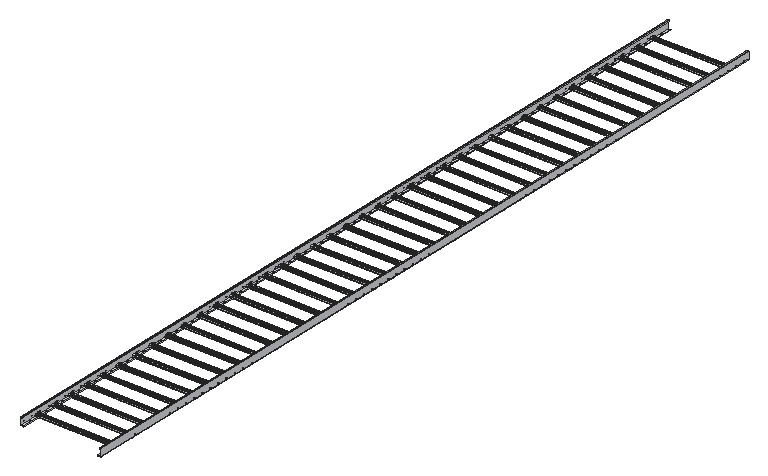
Revit family "Kabelleiter LG 60, 6 m VS FT", category Generic Models, Revit 2017 (continued)
Reference planes
  plane 2296: x = 379
  plane 2297: x = 321.5
  plane 2298: y = 1500
  plane 2299: x = 379
  plane 2300: x = 321.5
  plane 2301: y = 1650
  plane 2302: x = 379
  plane 2303: x = 321.5
  plane 2304: y = 1800
  plane 2305: x = 379
  plane 2306: x = 321.5
  plane 2307: y = 1950
  plane 2308: x = 379
  plane 2309: x = 321.5
  plane 2310: y = 2100
  plane 2311: x = 379
  plane 2312: x = 321.5
  plane 2313: y = 2250
  plane 2314: x = 379
  plane 2315: x = 321.5
  plane 2316: y = 2400
  plane 2317: x = 379
  plane 2318: x = 321.5
  plane 2319: y = 2550
  plane 2320: x = 379
  plane 2321: x = 321.5
  plane 2322: y = 2700
  plane 2323: x = 379
  plane 2324: x = 321.5
  plane 2325: y = 2850
  plane 2326: x = 379
  plane 2327: x = 321.5
  plane 2328: y = 3000
  plane 2329: x = 379
  plane 2330: x = 321.5
  plane 2331: y = 3150
  plane 2332: x = 379
  plane 2333: x = 321.5
  plane 2334: y = 3300
  plane 2335: x = 379
  plane 2336: x = 321.5
  plane 2337: y = 3450
  plane 2338: x = 379
  plane 2339: x = 321.5
  plane 2340: y = 3600
  plane 2341: x = 379
  plane 2342: x = 321.5
  plane 2343: y = 3750
  plane 2344: x = 379
  plane 2345: x = 321.5
  plane 2346: y = 3900
  plane 2347: x = 379
  plane 2348: x = 321.5
  plane 2349: y = 4050
  plane 2350: x = 379
  plane 2351: x = 321.5
  plane 2352: y = 4200
  plane 2353: x = 379
  plane 2354: x = 321.5
  plane 2355: y = 4350
  plane 2356: x = 379
  plane 2357: x = 321.5
  plane 2358: y = 4500
  plane 2359: x = 379
  plane 2360: x = 321.5
  plane 2361: y = 4650
  plane 2362: x = 379
  plane 2363: x = 321.5
  plane 2364: y = 4800
  plane 2365: x = 379
  plane 2366: x = 321.5
  plane 2367: y = 4950
  plane 2368: x = 379
  plane 2369: x = 321.5
  plane 2370: y = 5100
  plane 2371: x = 379
  plane 2372: x = 321.5
  plane 2373: y = 5250
  plane 2374: x = 379
  plane 2375: x = 321.5
  plane 2376: y = 5400
  plane 2377: x = 379
  plane 2378: x = 321.5
  plane 2379: y = 5550
  plane 2380: x = 379
  plane 2381: x = 321.5
  plane 2382: y = 5700
  plane 2383: x = 379
  plane 2384: x = 321.5
  plane 2385: y = 5850
  plane 2386: x = 399
  plane 2387: y = 450
  plane 2388: x = 399
  plane 2389: y = 600
  plane 2390: x = 399
  plane 2391: y = 750
  plane 2392: x = 399
  plane 2393: y = 900
  plane 2394: x = 399
  plane 2395: y = 1050
  plane 2396: x = 399
  plane 2397: y = 1200
  plane 2398: x = 399
  plane 2399: y = 1350
  plane 2400: x = 399
  plane 2401: y = 1500
  plane 2402: x = 399
  plane 2403: y = 1650
  plane 2404: x = 399
  plane 2405: y = 1800
  plane 2406: x = 399
  plane 2407: y = 1950
  plane 2408: x = 399
  plane 2409: y = 2100
  plane 2410: x = 399
  plane 2411: y = 2250
  plane 2412: x = 399
  plane 2413: y = 2400
  plane 2414: x = 399
  plane 2415: y = 2550
  plane 2416: x = 399
  plane 2417: y = 2700
  plane 2418: x = 399
  plane 2419: y = 2850
  plane 2420: x = 399
  plane 2421: y = 3000
  plane 2422: x = 399
  plane 2423: y = 3150
  plane 2424: x = 399
  plane 2425: y = 3300
  plane 2426: x = 399
  plane 2427: y = 3450
  plane 2428: x = 399
  plane 2429: y = 3600
  plane 2430: x = 399
  plane 2431: y = 3750
  plane 2432: x = 399
  plane 2433: y = 3900
  plane 2434: x = 399
  plane 2435: y = 4050
  plane 2436: x = 399
  plane 2437: y = 4200
  plane 2438: x = 399
  plane 2439: y = 4350
  plane 2440: x = 399
  plane 2441: y = 4500
  plane 2442: x = 399
  plane 2443: y = 4650
  plane 2444: x = 399
  plane 2445: y = 4800
  plane 2446: x = 399
  plane 2447: y = 4950
  plane 2448: x = 399
  plane 2449: y = 5100
  plane 2450: x = 399
  plane 2451: y = 5250
  plane 2452: x = 399
  plane 2453: y = 5400
  plane 2454: x = 399
  plane 2455: y = 5550
  plane 2456: x = 399
  plane 2457: y = 5700
  plane 2458: x = 399
  plane 2459: y = 5850
  plane 2460: x = 419
  plane 2461: x = 361.5
  plane 2462: y = 450
  plane 2463: x = 419
  plane 2464: x = 361.5
  plane 2465: y = 600
  plane 2466: x = 419
  plane 2467: x = 361.5
  plane 2468: y = 750
  plane 2469: x = 419
  plane 2470: x = 361.5
  plane 2471: y = 900
  plane 2472: x = 419
  plane 2473: x = 361.5
  plane 2474: y = 1050
  plane 2475: x = 419
  plane 2476: x = 361.5
  plane 2477: y = 1200
  plane 2478: x = 419
  plane 2479: x = 361.5
  plane 2480: y = 1350
  plane 2481: x = 419
  plane 2482: x = 361.5
  plane 2483: y = 1500
  plane 2484: x = 419
  plane 2485: x = 361.5
  plane 2486: y = 1650
  plane 2487: x = 419
  plane 2488: x = 361.5
  plane 2489: y = 1800
  plane 2490: x = 419
  plane 2491: x = 361.5
  plane 2492: y = 1950
  plane 2493: x = 419
  plane 2494: x = 361.5
  plane 2495: y = 2100
  plane 2496: x = 419
  plane 2497: x = 361.5
  plane 2498: y = 2250
  plane 2499: x = 419
  plane 2500: x = 361.5
  plane 2501: y = 2400
  plane 2502: x = 419
  plane 2503: x = 361.5
  plane 2504: y = 2550
  plane 2505: x = 419
  plane 2506: x = 361.5
  plane 2507: y = 2700
  plane 2508: x = 419
  plane 2509: x = 361.5
  plane 2510: y = 2850
  plane 2511: x = 419
  plane 2512: x = 361.5
  plane 2513: y = 3000
  plane 2514: x = 419
  plane 2515: x = 361.5
  plane 2516: y = 3150
  plane 2517: x = 419
  plane 2518: x = 361.5
  plane 2519: y = 3300
  plane 2520: x = 419
  plane 2521: x = 361.5
  plane 2522: y = 3450
  plane 2523: x = 419
  plane 2524: x = 361.5
  plane 2525: y = 3600
  plane 2526: x = 419
  plane 2527: x = 361.5
  plane 2528: y = 3750
  plane 2529: x = 419
  plane 2530: x = 361.5
  plane 2531: y = 3900
  plane 2532: x = 419
  plane 2533: x = 361.5
  plane 2534: y = 4050
  plane 2535: x = 419
  plane 2536: x = 361.5
  plane 2537: y = 4200
  plane 2538: x = 419
  plane 2539: x = 361.5
  plane 2540: y = 4350
  plane 2541: x = 419
  plane 2542: x = 361.5
  plane 2543: y = 4500
  plane 2544: x = 419
  plane 2545: x = 361.5
  plane 2546: y = 4650
  plane 2547: x = 419
  plane 2548: x = 361.5
  plane 2549: y = 4800
  plane 2550: x = 419
  plane 2551: x = 361.5
  plane 2552: y = 4950
  plane 2553: x = 419
  plane 2554: x = 361.5
  plane 2555: y = 5100
  plane 2556: x = 419
  plane 2557: x = 361.5
  plane 2558: y = 5250
  plane 2559: x = 419
  plane 2560: x = 361.5
  plane 2561: y = 5400
  plane 2562: x = 419
  plane 2563: x = 361.5
  plane 2564: y = 5550
  plane 2565: x = 419
  plane 2566: x = 361.5
  plane 2567: y = 5700
  plane 2568: x = 419
  plane 2569: x = 361.5
  plane 2570: y = 5850
  plane 2571: x = 439
  plane 2572: y = 450
  plane 2573: x = 439
  plane 2574: y = 600
  plane 2575: x = 439
  plane 2576: y = 750
  plane 2577: x = 439
  plane 2578: y = 900
  plane 2579: x = 439
  plane 2580: y = 1050
  plane 2581: x = 439
  plane 2582: y = 1200
  plane 2583: x = 439
  plane 2584: y = 1350
  plane 2585: x = 439
  plane 2586: y = 1500
  plane 2587: x = 439
  plane 2588: y = 1650
  plane 2589: x = 439
  plane 2590: y = 1800
  plane 2591: x = 439
  plane 2592: y = 1950
  plane 2593: x = 439
  plane 2594: y = 2100
  plane 2595: x = 439
  plane 2596: y = 2250
  plane 2597: x = 439
  plane 2598: y = 2400
  plane 2599: x = 439
  plane 2600: y = 2550
  plane 2601: x = 439
  plane 2602: y = 2700
  plane 2603: x = 439
  plane 2604: y = 2850
  plane 2605: x = 439
  plane 2606: y = 3000
  plane 2607: x = 439
  plane 2608: y = 3150
  plane 2609: x = 439
  plane 2610: y = 3300
  plane 2611: x = 439
  plane 2612: y = 3450
  plane 2613: x = 439
  plane 2614: y = 3600
  plane 2615: x = 439
  plane 2616: y = 3750
  plane 2617: x = 439
  plane 2618: y = 3900
  plane 2619: x = 439
  plane 2620: y = 4050
  plane 2621: x = 439
  plane 2622: y = 4200
  plane 2623: x = 439
  plane 2624: y = 4350
  plane 2625: x = 439
  plane 2626: y = 4500
  plane 2627: x = 439
  plane 2628: y = 4650
  plane 2629: x = 439
  plane 2630: y = 4800
  plane 2631: x = 439
  plane 2632: y = 4950
  plane 2633: x = 439
  plane 2634: y = 5100
  plane 2635: x = 439
  plane 2636: y = 5250
  plane 2637: x = 439
  plane 2638: y = 5400
  plane 2639: x = 439
  plane 2640: y = 5550
  plane 2641: x = 439
  plane 2642: y = 5700
  plane 2643: x = 439
  plane 2644: y = 5850
  plane 2645: x = 459
  plane 2646: x = 401.5
  plane 2647: y = 450
  plane 2648: x = 459
  plane 2649: x = 401.5
  plane 2650: y = 600
  plane 2651: x = 459
  plane 2652: x = 401.5
  plane 2653: y = 750
  plane 2654: x = 459
  plane 2655: x = 401.5
  plane 2656: y = 900
  plane 2657: x = 459
  plane 2658: x = 401.5
  plane 2659: y = 1050
  plane 2660: x = 459
  plane 2661: x = 401.5
  plane 2662: y = 1200
  plane 2663: x = 459
  plane 2664: x = 401.5
  plane 2665: y = 1350
  plane 2666: x = 459
  plane 2667: x = 401.5
  plane 2668: y = 1500
  plane 2669: x = 459
  plane 2670: x = 401.5
  plane 2671: y = 1650
  plane 2672: x = 459
  plane 2673: x = 401.5
  plane 2674: y = 1800
  plane 2675: x = 459
  plane 2676: x = 401.5
  plane 2677: y = 1950
  plane 2678: x = 459
  plane 2679: x = 401.5
  plane 2680: y = 2100
  plane 2681: x = 459
  plane 2682: x = 401.5
  plane 2683: y = 2250
  plane 2684: x = 459
  plane 2685: x = 401.5
  plane 2686: y = 2400
  plane 2687: x = 459
  plane 2688: x = 401.5
  plane 2689: y = 2550
  plane 2690: x = 459
  plane 2691: x = 401.5
  plane 2692: y = 2700
  plane 2693: x = 459
  plane 2694: x = 401.5
  plane 2695: y = 2850
  plane 2696: x = 459
  plane 2697: x = 401.5
  plane 2698: y = 3000
  plane 2699: x = 459
  plane 2700: x = 401.5
  plane 2701: y = 3150
  plane 2702: x = 459
  plane 2703: x = 401.5
  plane 2704: y = 3300
  plane 2705: x = 459
  plane 2706: x = 401.5
  plane 2707: y = 3450
  plane 2708: x = 459
  plane 2709: x = 401.5
  plane 2710: y = 3600
  plane 2711: x = 459
  plane 2712: x = 401.5
  plane 2713: y = 3750
  plane 2714: x = 459
  plane 2715: x = 401.5
  plane 2716: y = 3900
  plane 2717: x = 459
  plane 2718: x = 401.5
  plane 2719: y = 4050
  plane 2720: x = 459
  plane 2721: x = 401.5
  plane 2722: y = 4200
  plane 2723: x = 459
  plane 2724: x = 401.5
  plane 2725: y = 4350
  plane 2726: x = 459
  plane 2727: x = 401.5
  plane 2728: y = 4500
  plane 2729: x = 459
  plane 2730: x = 401.5
  plane 2731: y = 4650
  plane 2732: x = 459
  plane 2733: x = 401.5
  plane 2734: y = 4800
  plane 2735: x = 459
  plane 2736: x = 401.5
  plane 2737: y = 4950
  plane 2738: x = 459
  plane 2739: x = 401.5
  plane 2740: y = 5100
  plane 2741: x = 459
  plane 2742: x = 401.5
  plane 2743: y = 5250
  plane 2744: x = 459
  plane 2745: x = 401.5
  plane 2746: y = 5400
  plane 2747: x = 459
  plane 2748: x = 401.5
  plane 2749: y = 5550
  plane 2750: x = 459
  plane 2751: x = 401.5
  plane 2752: y = 5700
  plane 2753: x = 459
  plane 2754: x = 401.5
  plane 2755: y = 5850
  plane 2756: x = 479
  plane 2757: y = 450
  plane 2758: x = 479
  plane 2759: y = 600
  plane 2760: x = 479
  plane 2761: y = 750
  plane 2762: x = 479
  plane 2763: y = 900
  plane 2764: x = 479
  plane 2765: y = 1050
  plane 2766: x = 479
  plane 2767: y = 1200
  plane 2768: x = 479
  plane 2769: y = 1350
  plane 2770: x = 479
  plane 2771: y = 1500
  plane 2772: x = 479
  plane 2773: y = 1650
  plane 2774: x = 479
  plane 2775: y = 1800
  plane 2776: x = 479
  plane 2777: y = 1950
  plane 2778: x = 479
  plane 2779: y = 2100
  plane 2780: x = 479
  plane 2781: y = 2250
  plane 2782: x = 479
  plane 2783: y = 2400
  plane 2784: x = 479
  plane 2785: y = 2550
  plane 2786: x = 479
  plane 2787: y = 2700
  plane 2788: x = 479
  plane 2789: y = 2850
  plane 2790: x = 479
  plane 2791: y = 3000
  plane 2792: x = 479
  plane 2793: y = 3150
  plane 2794: x = 479
  plane 2795: y = 3300
  plane 2796: x = 479
  plane 2797: y = 3450
  plane 2798: x = 479
  plane 2799: y = 3600
  plane 2800: x = 479
  plane 2801: y = 3750
  plane 2802: x = 479
  plane 2803: y = 3900
  plane 2804: x = 479
  plane 2805: y = 4050
  plane 2806: x = 479
  plane 2807: y = 4200
  plane 2808: x = 479
  plane 2809: y = 4350
  plane 2810: x = 479
  plane 2811: y = 4500
  plane 2812: x = 479
  plane 2813: y = 4650
  plane 2814: x = 479
  plane 2815: y = 4800
  plane 2816: x = 479
  plane 2817: y = 4950
  plane 2818: x = 479
  plane 2819: y = 5100
  plane 2820: x = 479
  plane 2821: y = 5250
  plane 2822: x = 479
  plane 2823: y = 5400
  plane 2824: x = 479
  plane 2825: y = 5550
  plane 2826: x = 479
  plane 2827: y = 5700
  plane 2828: x = 479
  plane 2829: y = 5850
  plane 2830: x = 499
  plane 2831: x = 441.5
  plane 2832: y = 450
  plane 2833: x = 499
  plane 2834: x = 441.5
  plane 2835: y = 600
  plane 2836: x = 499
  plane 2837: x = 441.5
  plane 2838: y = 750
  plane 2839: x = 499
  plane 2840: x = 441.5
  plane 2841: y = 900
  plane 2842: x = 499
  plane 2843: x = 441.5
  plane 2844: y = 1050
  plane 2845: x = 499
  plane 2846: x = 441.5
  plane 2847: y = 1200
  plane 2848: x = 499
  plane 2849: x = 441.5
  plane 2850: y = 1350
  plane 2851: x = 499
  plane 2852: x = 441.5
  plane 2853: y = 1500
  plane 2854: x = 499
  plane 2855: x = 441.5
  plane 2856: y = 1650
  plane 2857: x = 499
  plane 2858: x = 441.5
  plane 2859: y = 1800
  plane 2860: x = 499
  plane 2861: x = 441.5
  plane 2862: y = 1950
  plane 2863: x = 499
  plane 2864: x = 441.5
  plane 2865: y = 2100
  plane 2866: x = 499
  plane 2867: x = 441.5
  plane 2868: y = 2250
  plane 2869: x = 499
  plane 2870: x = 441.5
  plane 2871: y = 2400
  plane 2872: x = 499
  plane 2873: x = 441.5
  plane 2874: y = 2550
  plane 2875: x = 499
  plane 2876: x = 441.5
  plane 2877: y = 2700
  plane 2878: x = 499
  plane 2879: x = 441.5
  plane 2880: y = 2850
  plane 2881: x = 499
  plane 2882: x = 441.5
  plane 2883: y = 3000
  plane 2884: x = 499
  plane 2885: x = 441.5
  plane 2886: y = 3150
  plane 2887: x = 499
  plane 2888: x = 441.5
  plane 2889: y = 3300
  plane 2890: x = 499
  plane 2891: x = 441.5
  plane 2892: y = 3450
  plane 2893: x = 499
  plane 2894: x = 441.5
  plane 2895: y = 3600
  plane 2896: x = 499
  plane 2897: x = 441.5
  plane 2898: y = 3750
  plane 2899: x = 499
  plane 2900: x = 441.5
  plane 2901: y = 3900
  plane 2902: x = 499
  plane 2903: x = 441.5
  plane 2904: y = 4050
  plane 2905: x = 499
  plane 2906: x = 441.5
  plane 2907: y = 4200
  plane 2908: x = 499
  plane 2909: x = 441.5
  plane 2910: y = 4350
  plane 2911: x = 499
  plane 2912: x = 441.5
  plane 2913: y = 4500
  plane 2914: x = 499
  plane 2915: x = 441.5
  plane 2916: y = 4650
  plane 2917: x = 499
  plane 2918: x = 441.5
  plane 2919: y = 4800
  plane 2920: x = 499
  plane 2921: x = 441.5
  plane 2922: y = 4950
  plane 2923: x = 499
  plane 2924: x = 441.5
  plane 2925: y = 5100
  plane 2926: x = 499
  plane 2927: x = 441.5
  plane 2928: y = 5250
  plane 2929: x = 499
  plane 2930: x = 441.5
  plane 2931: y = 5400
  plane 2932: x = 499
  plane 2933: x = 441.5
  plane 2934: y = 5550
  plane 2935: x = 499
  plane 2936: x = 441.5
  plane 2937: y = 5700
  plane 2938: x = 499
  plane 2939: x = 441.5
  plane 2940: y = 5850
  plane 2941: x = 519
  plane 2942: y = 450
  plane 2943: x = 519
  plane 2944: y = 600
  plane 2945: x = 519
  plane 2946: y = 750
  plane 2947: x = 519
  plane 2948: y = 900
  plane 2949: x = 519
  plane 2950: y = 1050
  plane 2951: x = 519
  plane 2952: y = 1200
  plane 2953: x = 519
  plane 2954: y = 1350
  plane 2955: x = 519
  plane 2956: y = 1500
  plane 2957: x = 519
  plane 2958: y = 1650
  plane 2959: x = 519
  plane 2960: y = 1800
  plane 2961: x = 519
  plane 2962: y = 1950
  plane 2963: x = 519
  plane 2964: y = 2100
  plane 2965: x = 519
  plane 2966: y = 2250
  plane 2967: x = 519
  plane 2968: y = 2400
  plane 2969: x = 519
  plane 2970: y = 2550
  plane 2971: x = 519
  plane 2972: y = 2700
  plane 2973: x = 519
  plane 2974: y = 2850
  plane 2975: x = 519
  plane 2976: y = 3000
  plane 2977: x = 519
  plane 2978: y = 3150
  plane 2979: x = 519
  plane 2980: y = 3300
  plane 2981: x = 519
  plane 2982: y = 3450
  plane 2983: x = 519
  plane 2984: y = 3600
  plane 2985: x = 519
  plane 2986: y = 3750
  plane 2987: x = 519
  plane 2988: y = 3900
  plane 2989: x = 519
  plane 2990: y = 4050
  plane 2991: x = 519
  plane 2992: y = 4200
  plane 2993: x = 519
  plane 2994: y = 4350
  plane 2995: x = 519
  plane 2996: y = 4500
  plane 2997: x = 519
  plane 2998: y = 4650
  plane 2999: x = 519
  plane 3000: y = 4800
  plane 3001: x = 519
  plane 3002: y = 4950
  plane 3003: x = 519
  plane 3004: y = 5100
  plane 3005: x = 519
  plane 3006: y = 5250
  plane 3007: x = 519
  plane 3008: y = 5400
  plane 3009: x = 519
  plane 3010: y = 5550
  plane 3011: x = 519
  plane 3012: y = 5700
  plane 3013: x = 519
  plane 3014: y = 5850
  plane 3015: x = 539
  plane 3016: x = 481.5
  plane 3017: y = 450
  plane 3018: x = 539
  plane 3019: x = 481.5
  plane 3020: y = 600
  plane 3021: x = 539
  plane 3022: x = 481.5
  plane 3023: y = 750
  plane 3024: x = 539
  plane 3025: x = 481.5
  plane 3026: y = 900
  plane 3027: x = 539
  plane 3028: x = 481.5
  plane 3029: y = 1050
  plane 3030: x = 539
  plane 3031: x = 481.5
  plane 3032: y = 1200
  plane 3033: x = 539
  plane 3034: x = 481.5
  plane 3035: y = 1350
  plane 3036: x = 539
  plane 3037: x = 481.5
  plane 3038: y = 1500
  plane 3039: x = 539
  plane 3040: x = 481.5
  plane 3041: y = 1650
  plane 3042: x = 539
  plane 3043: x = 481.5
  plane 3044: y = 1800
  plane 3045: x = 539
  plane 3046: x = 481.5
  plane 3047: y = 1950
  plane 3048: x = 539
  plane 3049: x = 481.5
  plane 3050: y = 2100
  plane 3051: x = 539
  plane 3052: x = 481.5
  plane 3053: y = 2250
  plane 3054: x = 539
  plane 3055: x = 481.5
  plane 3056: y = 2400
  plane 3057: x = 539
  plane 3058: x = 481.5
  plane 3059: y = 2550
  plane 3060: x = 539
  plane 3061: x = 481.5
  plane 3062: y = 2700
  plane 3063: x = 539
  plane 3064: x = 481.5
  plane 3065: y = 2850
  plane 3066: x = 539
  plane 3067: x = 481.5
  plane 3068: y = 3000
  plane 3069: x = 539
  plane 3070: x = 481.5
  plane 3071: y = 3150
  plane 3072: x = 539
  plane 3073: x = 481.5
  plane 3074: y = 3300
  plane 3075: x = 539
  plane 3076: x = 481.5
  plane 3077: y = 3450
  plane 3078: x = 539
  plane 3079: x = 481.5
  plane 3080: y = 3600
  plane 3081: x = 539
  plane 3082: x = 481.5
  plane 3083: y = 3750
  plane 3084: x = 539
  plane 3085: x = 481.5
  plane 3086: y = 3900
  plane 3087: x = 539
  plane 3088: x = 481.5
  plane 3089: y = 4050
  plane 3090: x = 539
  plane 3091: x = 481.5
  plane 3092: y = 4200
  plane 3093: x = 539
  plane 3094: x = 481.5
  plane 3095: y = 4350
  plane 3096: x = 539
  plane 3097: x = 481.5
  plane 3098: y = 4500
  plane 3099: x = 539
  plane 3100: x = 481.5
  plane 3101: y = 4650
  plane 3102: x = 539
  plane 3103: x = 481.5
  plane 3104: y = 4800
  plane 3105: x = 539
  plane 3106: x = 481.5
  plane 3107: y = 4950
  plane 3108: x = 539
  plane 3109: x = 481.5
  plane 3110: y = 5100
  plane 3111: x = 539
  plane 3112: x = 481.5
  plane 3113: y = 5250
  plane 3114: x = 539
  plane 3115: x = 481.5
  plane 3116: y = 5400
  plane 3117: x = 539
  plane 3118: x = 481.5
  plane 3119: y = 5550
  plane 3120: x = 539
  plane 3121: x = 481.5
  plane 3122: y = 5700
  plane 3123: x = 539
  plane 3124: x = 481.5
  plane 3125: y = 5850
  plane 3126: y = 225
  plane 3127: y = 298.5
  plane 3128: y = 150
  plane 3129: y = 300
  plane 3130: y = 150
Forms (mm)
  Extrusion 1, solid
    sketch origin (0, 0, 0) x (1, 0, 0) y (0, 0, 1)
      loop
        line (0, 54.005) -> (0, 2.5)
        arc (0, 2.5) -> (0.732, 0.732) -> (2.5, 0) r 2.5
        line (2.5, 0) -> (27, 0) -> (27, 1.5) -> (2.5, 1.5)
        arc (2.5, 1.5) -> (1.793, 1.793) -> (1.5, 2.5) r 1
        line (1.5, 2.5) -> (1.5, 54.005)
        arc (1.5, 54.005) -> (6, 58.505) -> (10.5, 54.005) r 4.5
        line (10.5, 54.005) -> (10.5, 51.007) -> (12, 51.007) -> (12, 54.005)
        arc (12, 54.005) -> (6, 60.005) -> (0, 54.005) r 6
      loop
        arc (600, 54.031) -> (594.023, 60.008) -> (588.045, 54.031) r 5.977
        line (588.045, 54.031) -> (588.045, 51) -> (589.545, 51) -> (589.545, 54.031)
        arc (589.545, 54.031) -> (594.023, 58.508) -> (598.5, 54.031) r 4.477
        line (598.5, 54.031) -> (598.5, 2.529)
        arc (598.5, 2.529) -> (598.199, 1.801) -> (597.471, 1.5) r 1.029
        line (597.471, 1.5) -> (573, 1.5) -> (573, 0) -> (597.471, 0)
        arc (597.471, 0) -> (599.259, 0.741) -> (600, 2.529) r 2.529
        line (600, 2.529) -> (600, 54.031)
    from -6000 to 0
  Extrusion 2, solid
    sketch origin (0, 0, 0) x (0, 1, 0) y (0, 0, 1)
      loop
        line (141.5, 16.5) -> (138, 16.5)
        arc (138, 16.5) -> (135.879, 15.621) -> (135, 13.5) r 3
        line (135, 13.5) -> (135, 4.5)
        arc (135, 4.5) -> (135.879, 2.379) -> (138, 1.5) r 3
        line (138, 1.5) -> (162, 1.5)
        arc (162, 1.5) -> (164.121, 2.379) -> (165, 4.5) r 3
        line (165, 4.5) -> (165, 13.5)
        arc (165, 13.5) -> (164.121, 15.621) -> (162, 16.5) r 3
        line (162, 16.5) -> (158.5, 16.5) -> (158.5, 15) -> (162, 15)
        arc (162, 15) -> (163.061, 14.561) -> (163.5, 13.5) r 1.5
        line (163.5, 13.5) -> (163.5, 4.5)
        arc (163.5, 4.5) -> (163.061, 3.439) -> (162, 3) r 1.5
        line (162, 3) -> (138, 3)
        arc (138, 3) -> (136.939, 3.439) -> (136.5, 4.5) r 1.5
        line (136.5, 4.5) -> (136.5, 13.5)
        arc (136.5, 13.5) -> (136.939, 14.561) -> (138, 15) r 1.5
        line (138, 15) -> (141.5, 15) -> (141.5, 16.5)
    from 0 to 598.529
  Extrusion 3, solid
    sketch origin (1.585, 150, 0) x (0, 1, 0) y (0, 0, 1)
      loop
        line (141.5, 16.5) -> (138, 16.5)
        arc (138, 16.5) -> (135.879, 15.621) -> (135, 13.5) r 3
        line (135, 13.5) -> (135, 4.5)
        arc (135, 4.5) -> (135.879, 2.379) -> (138, 1.5) r 3
        line (138, 1.5) -> (162, 1.5)
        arc (162, 1.5) -> (164.121, 2.379) -> (165, 4.5) r 3
        line (165, 4.5) -> (165, 13.5)
        arc (165, 13.5) -> (164.121, 15.621) -> (162, 16.5) r 3
        line (162, 16.5) -> (158.5, 16.5) -> (158.5, 15) -> (162, 15)
        arc (162, 15) -> (163.061, 14.561) -> (163.5, 13.5) r 1.5
        line (163.5, 13.5) -> (163.5, 4.5)
        arc (163.5, 4.5) -> (163.061, 3.439) -> (162, 3) r 1.5
        line (162, 3) -> (138, 3)
        arc (138, 3) -> (136.939, 3.439) -> (136.5, 4.5) r 1.5
        line (136.5, 4.5) -> (136.5, 13.5)
        arc (136.5, 13.5) -> (136.939, 14.561) -> (138, 15) r 1.5
        line (138, 15) -> (141.5, 15) -> (141.5, 16.5)
    from 1.663 to 598.529
  Extrusion 4, solid
    sketch origin (0, 300, 0) x (0, 1, 0) y (0, 0, 1)
      loop
        line (141.5, 16.5) -> (138, 16.5)
        arc (138, 16.5) -> (135.879, 15.621) -> (135, 13.5) r 3
        line (135, 13.5) -> (135, 4.5)
        arc (135, 4.5) -> (135.879, 2.379) -> (138, 1.5) r 3
        line (138, 1.5) -> (162, 1.5)
        arc (162, 1.5) -> (164.121, 2.379) -> (165, 4.5) r 3
        line (165, 4.5) -> (165, 13.5)
        arc (165, 13.5) -> (164.121, 15.621) -> (162, 16.5) r 3
        line (162, 16.5) -> (158.5, 16.5) -> (158.5, 15) -> (162, 15)
        arc (162, 15) -> (163.061, 14.561) -> (163.5, 13.5) r 1.5
        line (163.5, 13.5) -> (163.5, 4.5)
        arc (163.5, 4.5) -> (163.061, 3.439) -> (162, 3) r 1.5
        line (162, 3) -> (138, 3)
        arc (138, 3) -> (136.939, 3.439) -> (136.5, 4.5) r 1.5
        line (136.5, 4.5) -> (136.5, 13.5)
        arc (136.5, 13.5) -> (136.939, 14.561) -> (138, 15) r 1.5
        line (138, 15) -> (141.5, 15) -> (141.5, 16.5)
    from 1.663 to 598.529
  Extrusion 5, solid
    sketch origin (0, 450, 0) x (0, 1, 0) y (0, 0, 1)
      loop
        line (141.5, 16.5) -> (138, 16.5)
        arc (138, 16.5) -> (135.879, 15.621) -> (135, 13.5) r 3
        line (135, 13.5) -> (135, 4.5)
        arc (135, 4.5) -> (135.879, 2.379) -> (138, 1.5) r 3
        line (138, 1.5) -> (162, 1.5)
        arc (162, 1.5) -> (164.121, 2.379) -> (165, 4.5) r 3
        line (165, 4.5) -> (165, 13.5)
        arc (165, 13.5) -> (164.121, 15.621) -> (162, 16.5) r 3
        line (162, 16.5) -> (158.5, 16.5) -> (158.5, 15) -> (162, 15)
        arc (162, 15) -> (163.061, 14.561) -> (163.5, 13.5) r 1.5
        line (163.5, 13.5) -> (163.5, 4.5)
        arc (163.5, 4.5) -> (163.061, 3.439) -> (162, 3) r 1.5
        line (162, 3) -> (138, 3)
        arc (138, 3) -> (136.939, 3.439) -> (136.5, 4.5) r 1.5
        line (136.5, 4.5) -> (136.5, 13.5)
        arc (136.5, 13.5) -> (136.939, 14.561) -> (138, 15) r 1.5
        line (138, 15) -> (141.5, 15) -> (141.5, 16.5)
    from 1.663 to 598.529
  Extrusion 6, solid
    sketch origin (0, 600, 0) x (0, 1, 0) y (0, 0, 1)
      loop
        line (141.5, 16.5) -> (138, 16.5)
        arc (138, 16.5) -> (135.879, 15.621) -> (135, 13.5) r 3
        line (135, 13.5) -> (135, 4.5)
        arc (135, 4.5) -> (135.879, 2.379) -> (138, 1.5) r 3
        line (138, 1.5) -> (162, 1.5)
        arc (162, 1.5) -> (164.121, 2.379) -> (165, 4.5) r 3
        line (165, 4.5) -> (165, 13.5)
        arc (165, 13.5) -> (164.121, 15.621) -> (162, 16.5) r 3
        line (162, 16.5) -> (158.5, 16.5) -> (158.5, 15) -> (162, 15)
        arc (162, 15) -> (163.061, 14.561) -> (163.5, 13.5) r 1.5
        line (163.5, 13.5) -> (163.5, 4.5)
        arc (163.5, 4.5) -> (163.061, 3.439) -> (162, 3) r 1.5
        line (162, 3) -> (138, 3)
        arc (138, 3) -> (136.939, 3.439) -> (136.5, 4.5) r 1.5
        line (136.5, 4.5) -> (136.5, 13.5)
        arc (136.5, 13.5) -> (136.939, 14.561) -> (138, 15) r 1.5
        line (138, 15) -> (141.5, 15) -> (141.5, 16.5)
    from 1.663 to 598.529
  Extrusion 7, solid
    sketch origin (0, 750, 0) x (0, 1, 0) y (0, 0, 1)
      loop
        line (141.5, 16.5) -> (138, 16.5)
        arc (138, 16.5) -> (135.879, 15.621) -> (135, 13.5) r 3
        line (135, 13.5) -> (135, 4.5)
        arc (135, 4.5) -> (135.879, 2.379) -> (138, 1.5) r 3
        line (138, 1.5) -> (162, 1.5)
        arc (162, 1.5) -> (164.121, 2.379) -> (165, 4.5) r 3
        line (165, 4.5) -> (165, 13.5)
        arc (165, 13.5) -> (164.121, 15.621) -> (162, 16.5) r 3
        line (162, 16.5) -> (158.5, 16.5) -> (158.5, 15) -> (162, 15)
        arc (162, 15) -> (163.061, 14.561) -> (163.5, 13.5) r 1.5
        line (163.5, 13.5) -> (163.5, 4.5)
        arc (163.5, 4.5) -> (163.061, 3.439) -> (162, 3) r 1.5
        line (162, 3) -> (138, 3)
        arc (138, 3) -> (136.939, 3.439) -> (136.5, 4.5) r 1.5
        line (136.5, 4.5) -> (136.5, 13.5)
        arc (136.5, 13.5) -> (136.939, 14.561) -> (138, 15) r 1.5
        line (138, 15) -> (141.5, 15) -> (141.5, 16.5)
    from 1.663 to 598.529
  Extrusion 8, solid
    sketch origin (0, 900, 0) x (0, 1, 0) y (0, 0, 1)
      loop
        line (141.5, 16.5) -> (138, 16.5)
        arc (138, 16.5) -> (135.879, 15.621) -> (135, 13.5) r 3
        line (135, 13.5) -> (135, 4.5)
        arc (135, 4.5) -> (135.879, 2.379) -> (138, 1.5) r 3
        line (138, 1.5) -> (162, 1.5)
        arc (162, 1.5) -> (164.121, 2.379) -> (165, 4.5) r 3
        line (165, 4.5) -> (165, 13.5)
        arc (165, 13.5) -> (164.121, 15.621) -> (162, 16.5) r 3
        line (162, 16.5) -> (158.5, 16.5) -> (158.5, 15) -> (162, 15)
        arc (162, 15) -> (163.061, 14.561) -> (163.5, 13.5) r 1.5
        line (163.5, 13.5) -> (163.5, 4.5)
        arc (163.5, 4.5) -> (163.061, 3.439) -> (162, 3) r 1.5
        line (162, 3) -> (138, 3)
        arc (138, 3) -> (136.939, 3.439) -> (136.5, 4.5) r 1.5
        line (136.5, 4.5) -> (136.5, 13.5)
        arc (136.5, 13.5) -> (136.939, 14.561) -> (138, 15) r 1.5
        line (138, 15) -> (141.5, 15) -> (141.5, 16.5)
    from 1.663 to 598.529
  Extrusion 9, solid
    sketch origin (0, 1050, 0) x (0, 1, 0) y (0, 0, 1)
      loop
        line (141.5, 16.5) -> (138, 16.5)
        arc (138, 16.5) -> (135.879, 15.621) -> (135, 13.5) r 3
        line (135, 13.5) -> (135, 4.5)
        arc (135, 4.5) -> (135.879, 2.379) -> (138, 1.5) r 3
        line (138, 1.5) -> (162, 1.5)
        arc (162, 1.5) -> (164.121, 2.379) -> (165, 4.5) r 3
        line (165, 4.5) -> (165, 13.5)
        arc (165, 13.5) -> (164.121, 15.621) -> (162, 16.5) r 3
        line (162, 16.5) -> (158.5, 16.5) -> (158.5, 15) -> (162, 15)
        arc (162, 15) -> (163.061, 14.561) -> (163.5, 13.5) r 1.5
        line (163.5, 13.5) -> (163.5, 4.5)
        arc (163.5, 4.5) -> (163.061, 3.439) -> (162, 3) r 1.5
        line (162, 3) -> (138, 3)
        arc (138, 3) -> (136.939, 3.439) -> (136.5, 4.5) r 1.5
        line (136.5, 4.5) -> (136.5, 13.5)
        arc (136.5, 13.5) -> (136.939, 14.561) -> (138, 15) r 1.5
        line (138, 15) -> (141.5, 15) -> (141.5, 16.5)
    from 1.663 to 598.529
  Extrusion 10, solid
    sketch origin (0, 1200, 0) x (0, 1, 0) y (0, 0, 1)
      loop
        line (141.5, 16.5) -> (138, 16.5)
        arc (138, 16.5) -> (135.879, 15.621) -> (135, 13.5) r 3
        line (135, 13.5) -> (135, 4.5)
        arc (135, 4.5) -> (135.879, 2.379) -> (138, 1.5) r 3
        line (138, 1.5) -> (162, 1.5)
        arc (162, 1.5) -> (164.121, 2.379) -> (165, 4.5) r 3
        line (165, 4.5) -> (165, 13.5)
        arc (165, 13.5) -> (164.121, 15.621) -> (162, 16.5) r 3
        line (162, 16.5) -> (158.5, 16.5) -> (158.5, 15) -> (162, 15)
        arc (162, 15) -> (163.061, 14.561) -> (163.5, 13.5) r 1.5
        line (163.5, 13.5) -> (163.5, 4.5)
        arc (163.5, 4.5) -> (163.061, 3.439) -> (162, 3) r 1.5
        line (162, 3) -> (138, 3)
        arc (138, 3) -> (136.939, 3.439) -> (136.5, 4.5) r 1.5
        line (136.5, 4.5) -> (136.5, 13.5)
        arc (136.5, 13.5) -> (136.939, 14.561) -> (138, 15) r 1.5
        line (138, 15) -> (141.5, 15) -> (141.5, 16.5)
    from 1.663 to 598.529
  Extrusion 11, solid
    sketch origin (0, 1350, 0) x (0, 1, 0) y (0, 0, 1)
      loop
        line (141.5, 16.5) -> (138, 16.5)
        arc (138, 16.5) -> (135.879, 15.621) -> (135, 13.5) r 3
        line (135, 13.5) -> (135, 4.5)
        arc (135, 4.5) -> (135.879, 2.379) -> (138, 1.5) r 3
        line (138, 1.5) -> (162, 1.5)
        arc (162, 1.5) -> (164.121, 2.379) -> (165, 4.5) r 3
        line (165, 4.5) -> (165, 13.5)
        arc (165, 13.5) -> (164.121, 15.621) -> (162, 16.5) r 3
        line (162, 16.5) -> (158.5, 16.5) -> (158.5, 15) -> (162, 15)
        arc (162, 15) -> (163.061, 14.561) -> (163.5, 13.5) r 1.5
        line (163.5, 13.5) -> (163.5, 4.5)
        arc (163.5, 4.5) -> (163.061, 3.439) -> (162, 3) r 1.5
        line (162, 3) -> (138, 3)
        arc (138, 3) -> (136.939, 3.439) -> (136.5, 4.5) r 1.5
        line (136.5, 4.5) -> (136.5, 13.5)
        arc (136.5, 13.5) -> (136.939, 14.561) -> (138, 15) r 1.5
        line (138, 15) -> (141.5, 15) -> (141.5, 16.5)
    from 1.663 to 598.529
  Extrusion 12, solid
    sketch origin (0, 1500, 0) x (0, 1, 0) y (0, 0, 1)
      loop
        line (141.5, 16.5) -> (138, 16.5)
        arc (138, 16.5) -> (135.879, 15.621) -> (135, 13.5) r 3
        line (135, 13.5) -> (135, 4.5)
        arc (135, 4.5) -> (135.879, 2.379) -> (138, 1.5) r 3
        line (138, 1.5) -> (162, 1.5)
        arc (162, 1.5) -> (164.121, 2.379) -> (165, 4.5) r 3
        line (165, 4.5) -> (165, 13.5)
        arc (165, 13.5) -> (164.121, 15.621) -> (162, 16.5) r 3
        line (162, 16.5) -> (158.5, 16.5) -> (158.5, 15) -> (162, 15)
        arc (162, 15) -> (163.061, 14.561) -> (163.5, 13.5) r 1.5
        line (163.5, 13.5) -> (163.5, 4.5)
        arc (163.5, 4.5) -> (163.061, 3.439) -> (162, 3) r 1.5
        line (162, 3) -> (138, 3)
        arc (138, 3) -> (136.939, 3.439) -> (136.5, 4.5) r 1.5
        line (136.5, 4.5) -> (136.5, 13.5)
        arc (136.5, 13.5) -> (136.939, 14.561) -> (138, 15) r 1.5
        line (138, 15) -> (141.5, 15) -> (141.5, 16.5)
    from 1.663 to 598.529
  Extrusion 13, solid
    sketch origin (0, 1650, 0) x (0, 1, 0) y (0, 0, 1)
      loop
        line (141.5, 16.5) -> (138, 16.5)
        arc (138, 16.5) -> (135.879, 15.621) -> (135, 13.5) r 3
        line (135, 13.5) -> (135, 4.5)
        arc (135, 4.5) -> (135.879, 2.379) -> (138, 1.5) r 3
        line (138, 1.5) -> (162, 1.5)
        arc (162, 1.5) -> (164.121, 2.379) -> (165, 4.5) r 3
        line (165, 4.5) -> (165, 13.5)
        arc (165, 13.5) -> (164.121, 15.621) -> (162, 16.5) r 3
        line (162, 16.5) -> (158.5, 16.5) -> (158.5, 15) -> (162, 15)
        arc (162, 15) -> (163.061, 14.561) -> (163.5, 13.5) r 1.5
        line (163.5, 13.5) -> (163.5, 4.5)
        arc (163.5, 4.5) -> (163.061, 3.439) -> (162, 3) r 1.5
        line (162, 3) -> (138, 3)
        arc (138, 3) -> (136.939, 3.439) -> (136.5, 4.5) r 1.5
        line (136.5, 4.5) -> (136.5, 13.5)
        arc (136.5, 13.5) -> (136.939, 14.561) -> (138, 15) r 1.5
        line (138, 15) -> (141.5, 15) -> (141.5, 16.5)
    from 1.663 to 598.529
  Extrusion 14, solid
    sketch origin (0, 1800, 0) x (0, 1, 0) y (0, 0, 1)
      loop
        line (141.5, 16.5) -> (138, 16.5)
        arc (138, 16.5) -> (135.879, 15.621) -> (135, 13.5) r 3
        line (135, 13.5) -> (135, 4.5)
        arc (135, 4.5) -> (135.879, 2.379) -> (138, 1.5) r 3
        line (138, 1.5) -> (162, 1.5)
        arc (162, 1.5) -> (164.121, 2.379) -> (165, 4.5) r 3
        line (165, 4.5) -> (165, 13.5)
        arc (165, 13.5) -> (164.121, 15.621) -> (162, 16.5) r 3
        line (162, 16.5) -> (158.5, 16.5) -> (158.5, 15) -> (162, 15)
        arc (162, 15) -> (163.061, 14.561) -> (163.5, 13.5) r 1.5
        line (163.5, 13.5) -> (163.5, 4.5)
        arc (163.5, 4.5) -> (163.061, 3.439) -> (162, 3) r 1.5
        line (162, 3) -> (138, 3)
        arc (138, 3) -> (136.939, 3.439) -> (136.5, 4.5) r 1.5
        line (136.5, 4.5) -> (136.5, 13.5)
        arc (136.5, 13.5) -> (136.939, 14.561) -> (138, 15) r 1.5
        line (138, 15) -> (141.5, 15) -> (141.5, 16.5)
    from 1.663 to 598.529
  Extrusion 15, solid
    sketch origin (0, 1950, 0) x (0, 1, 0) y (0, 0, 1)
      loop
        line (141.5, 16.5) -> (138, 16.5)
        arc (138, 16.5) -> (135.879, 15.621) -> (135, 13.5) r 3
        line (135, 13.5) -> (135, 4.5)
        arc (135, 4.5) -> (135.879, 2.379) -> (138, 1.5) r 3
        line (138, 1.5) -> (162, 1.5)
        arc (162, 1.5) -> (164.121, 2.379) -> (165, 4.5) r 3
        line (165, 4.5) -> (165, 13.5)
        arc (165, 13.5) -> (164.121, 15.621) -> (162, 16.5) r 3
        line (162, 16.5) -> (158.5, 16.5) -> (158.5, 15) -> (162, 15)
        arc (162, 15) -> (163.061, 14.561) -> (163.5, 13.5) r 1.5
        line (163.5, 13.5) -> (163.5, 4.5)
        arc (163.5, 4.5) -> (163.061, 3.439) -> (162, 3) r 1.5
        line (162, 3) -> (138, 3)
        arc (138, 3) -> (136.939, 3.439) -> (136.5, 4.5) r 1.5
        line (136.5, 4.5) -> (136.5, 13.5)
        arc (136.5, 13.5) -> (136.939, 14.561) -> (138, 15) r 1.5
        line (138, 15) -> (141.5, 15) -> (141.5, 16.5)
    from 1.663 to 598.529
  Extrusion 16, solid
    sketch origin (0, 2100, 0) x (0, 1, 0) y (0, 0, 1)
      loop
        line (141.5, 16.5) -> (138, 16.5)
        arc (138, 16.5) -> (135.879, 15.621) -> (135, 13.5) r 3
        line (135, 13.5) -> (135, 4.5)
        arc (135, 4.5) -> (135.879, 2.379) -> (138, 1.5) r 3
        line (138, 1.5) -> (162, 1.5)
        arc (162, 1.5) -> (164.121, 2.379) -> (165, 4.5) r 3
        line (165, 4.5) -> (165, 13.5)
        arc (165, 13.5) -> (164.121, 15.621) -> (162, 16.5) r 3
        line (162, 16.5) -> (158.5, 16.5) -> (158.5, 15) -> (162, 15)
        arc (162, 15) -> (163.061, 14.561) -> (163.5, 13.5) r 1.5
        line (163.5, 13.5) -> (163.5, 4.5)
        arc (163.5, 4.5) -> (163.061, 3.439) -> (162, 3) r 1.5
        line (162, 3) -> (138, 3)
        arc (138, 3) -> (136.939, 3.439) -> (136.5, 4.5) r 1.5
        line (136.5, 4.5) -> (136.5, 13.5)
        arc (136.5, 13.5) -> (136.939, 14.561) -> (138, 15) r 1.5
        line (138, 15) -> (141.5, 15) -> (141.5, 16.5)
    from 1.663 to 598.529
  Extrusion 17, solid
    sketch origin (0, 2250, 0) x (0, 1, 0) y (0, 0, 1)
      loop
        line (141.5, 16.5) -> (138, 16.5)
        arc (138, 16.5) -> (135.879, 15.621) -> (135, 13.5) r 3
        line (135, 13.5) -> (135, 4.5)
        arc (135, 4.5) -> (135.879, 2.379) -> (138, 1.5) r 3
        line (138, 1.5) -> (162, 1.5)
        arc (162, 1.5) -> (164.121, 2.379) -> (165, 4.5) r 3
        line (165, 4.5) -> (165, 13.5)
        arc (165, 13.5) -> (164.121, 15.621) -> (162, 16.5) r 3
        line (162, 16.5) -> (158.5, 16.5) -> (158.5, 15) -> (162, 15)
        arc (162, 15) -> (163.061, 14.561) -> (163.5, 13.5) r 1.5
        line (163.5, 13.5) -> (163.5, 4.5)
        arc (163.5, 4.5) -> (163.061, 3.439) -> (162, 3) r 1.5
        line (162, 3) -> (138, 3)
        arc (138, 3) -> (136.939, 3.439) -> (136.5, 4.5) r 1.5
        line (136.5, 4.5) -> (136.5, 13.5)
        arc (136.5, 13.5) -> (136.939, 14.561) -> (138, 15) r 1.5
        line (138, 15) -> (141.5, 15) -> (141.5, 16.5)
    from 1.663 to 598.529
  Extrusion 18, solid
    sketch origin (0, 2400, 0) x (0, 1, 0) y (0, 0, 1)
      loop
        line (141.5, 16.5) -> (138, 16.5)
        arc (138, 16.5) -> (135.879, 15.621) -> (135, 13.5) r 3
        line (135, 13.5) -> (135, 4.5)
        arc (135, 4.5) -> (135.879, 2.379) -> (138, 1.5) r 3
        line (138, 1.5) -> (162, 1.5)
        arc (162, 1.5) -> (164.121, 2.379) -> (165, 4.5) r 3
        line (165, 4.5) -> (165, 13.5)
        arc (165, 13.5) -> (164.121, 15.621) -> (162, 16.5) r 3
        line (162, 16.5) -> (158.5, 16.5) -> (158.5, 15) -> (162, 15)
        arc (162, 15) -> (163.061, 14.561) -> (163.5, 13.5) r 1.5
        line (163.5, 13.5) -> (163.5, 4.5)
        arc (163.5, 4.5) -> (163.061, 3.439) -> (162, 3) r 1.5
        line (162, 3) -> (138, 3)
        arc (138, 3) -> (136.939, 3.439) -> (136.5, 4.5) r 1.5
        line (136.5, 4.5) -> (136.5, 13.5)
        arc (136.5, 13.5) -> (136.939, 14.561) -> (138, 15) r 1.5
        line (138, 15) -> (141.5, 15) -> (141.5, 16.5)
    from 1.663 to 598.529
  Extrusion 19, solid
    sketch origin (0, 2550, 0) x (0, 1, 0) y (0, 0, 1)
      loop
        line (141.5, 16.5) -> (138, 16.5)
        arc (138, 16.5) -> (135.879, 15.621) -> (135, 13.5) r 3
        line (135, 13.5) -> (135, 4.5)
        arc (135, 4.5) -> (135.879, 2.379) -> (138, 1.5) r 3
        line (138, 1.5) -> (162, 1.5)
        arc (162, 1.5) -> (164.121, 2.379) -> (165, 4.5) r 3
        line (165, 4.5) -> (165, 13.5)
        arc (165, 13.5) -> (164.121, 15.621) -> (162, 16.5) r 3
        line (162, 16.5) -> (158.5, 16.5) -> (158.5, 15) -> (162, 15)
        arc (162, 15) -> (163.061, 14.561) -> (163.5, 13.5) r 1.5
        line (163.5, 13.5) -> (163.5, 4.5)
        arc (163.5, 4.5) -> (163.061, 3.439) -> (162, 3) r 1.5
        line (162, 3) -> (138, 3)
        arc (138, 3) -> (136.939, 3.439) -> (136.5, 4.5) r 1.5
        line (136.5, 4.5) -> (136.5, 13.5)
        arc (136.5, 13.5) -> (136.939, 14.561) -> (138, 15) r 1.5
        line (138, 15) -> (141.5, 15) -> (141.5, 16.5)
    from 1.663 to 598.529
  Extrusion 20, solid
    sketch origin (0, 2700, 0) x (0, 1, 0) y (0, 0, 1)
      loop
        line (141.5, 16.5) -> (138, 16.5)
        arc (138, 16.5) -> (135.879, 15.621) -> (135, 13.5) r 3
        line (135, 13.5) -> (135, 4.5)
        arc (135, 4.5) -> (135.879, 2.379) -> (138, 1.5) r 3
        line (138, 1.5) -> (162, 1.5)
        arc (162, 1.5) -> (164.121, 2.379) -> (165, 4.5) r 3
        line (165, 4.5) -> (165, 13.5)
        arc (165, 13.5) -> (164.121, 15.621) -> (162, 16.5) r 3
        line (162, 16.5) -> (158.5, 16.5) -> (158.5, 15) -> (162, 15)
        arc (162, 15) -> (163.061, 14.561) -> (163.5, 13.5) r 1.5
        line (163.5, 13.5) -> (163.5, 4.5)
        arc (163.5, 4.5) -> (163.061, 3.439) -> (162, 3) r 1.5
        line (162, 3) -> (138, 3)
        arc (138, 3) -> (136.939, 3.439) -> (136.5, 4.5) r 1.5
        line (136.5, 4.5) -> (136.5, 13.5)
        arc (136.5, 13.5) -> (136.939, 14.561) -> (138, 15) r 1.5
        line (138, 15) -> (141.5, 15) -> (141.5, 16.5)
    from 1.663 to 598.529
  Extrusion 21, solid
    sketch origin (0, 2850, 0) x (0, 1, 0) y (0, 0, 1)
      loop
        line (141.5, 16.5) -> (138, 16.5)
        arc (138, 16.5) -> (135.879, 15.621) -> (135, 13.5) r 3
        line (135, 13.5) -> (135, 4.5)
        arc (135, 4.5) -> (135.879, 2.379) -> (138, 1.5) r 3
        line (138, 1.5) -> (162, 1.5)
        arc (162, 1.5) -> (164.121, 2.379) -> (165, 4.5) r 3
        line (165, 4.5) -> (165, 13.5)
        arc (165, 13.5) -> (164.121, 15.621) -> (162, 16.5) r 3
        line (162, 16.5) -> (158.5, 16.5) -> (158.5, 15) -> (162, 15)
        arc (162, 15) -> (163.061, 14.561) -> (163.5, 13.5) r 1.5
        line (163.5, 13.5) -> (163.5, 4.5)
        arc (163.5, 4.5) -> (163.061, 3.439) -> (162, 3) r 1.5
        line (162, 3) -> (138, 3)
        arc (138, 3) -> (136.939, 3.439) -> (136.5, 4.5) r 1.5
        line (136.5, 4.5) -> (136.5, 13.5)
        arc (136.5, 13.5) -> (136.939, 14.561) -> (138, 15) r 1.5
        line (138, 15) -> (141.5, 15) -> (141.5, 16.5)
    from 1.663 to 598.529
  Extrusion 22, solid
    sketch origin (0, 3000, 0) x (0, 1, 0) y (0, 0, 1)
      loop
        line (141.5, 16.5) -> (138, 16.5)
        arc (138, 16.5) -> (135.879, 15.621) -> (135, 13.5) r 3
        line (135, 13.5) -> (135, 4.5)
        arc (135, 4.5) -> (135.879, 2.379) -> (138, 1.5) r 3
        line (138, 1.5) -> (162, 1.5)
        arc (162, 1.5) -> (164.121, 2.379) -> (165, 4.5) r 3
        line (165, 4.5) -> (165, 13.5)
        arc (165, 13.5) -> (164.121, 15.621) -> (162, 16.5) r 3
        line (162, 16.5) -> (158.5, 16.5) -> (158.5, 15) -> (162, 15)
        arc (162, 15) -> (163.061, 14.561) -> (163.5, 13.5) r 1.5
        line (163.5, 13.5) -> (163.5, 4.5)
        arc (163.5, 4.5) -> (163.061, 3.439) -> (162, 3) r 1.5
        line (162, 3) -> (138, 3)
        arc (138, 3) -> (136.939, 3.439) -> (136.5, 4.5) r 1.5
        line (136.5, 4.5) -> (136.5, 13.5)
        arc (136.5, 13.5) -> (136.939, 14.561) -> (138, 15) r 1.5
        line (138, 15) -> (141.5, 15) -> (141.5, 16.5)
    from 1.663 to 598.529
  Extrusion 23, solid
    sketch origin (0, 3150, 0) x (0, 1, 0) y (0, 0, 1)
      loop
        line (141.5, 16.5) -> (138, 16.5)
        arc (138, 16.5) -> (135.879, 15.621) -> (135, 13.5) r 3
        line (135, 13.5) -> (135, 4.5)
        arc (135, 4.5) -> (135.879, 2.379) -> (138, 1.5) r 3
        line (138, 1.5) -> (162, 1.5)
        arc (162, 1.5) -> (164.121, 2.379) -> (165, 4.5) r 3
        line (165, 4.5) -> (165, 13.5)
        arc (165, 13.5) -> (164.121, 15.621) -> (162, 16.5) r 3
        line (162, 16.5) -> (158.5, 16.5) -> (158.5, 15) -> (162, 15)
        arc (162, 15) -> (163.061, 14.561) -> (163.5, 13.5) r 1.5
        line (163.5, 13.5) -> (163.5, 4.5)
        arc (163.5, 4.5) -> (163.061, 3.439) -> (162, 3) r 1.5
        line (162, 3) -> (138, 3)
        arc (138, 3) -> (136.939, 3.439) -> (136.5, 4.5) r 1.5
        line (136.5, 4.5) -> (136.5, 13.5)
        arc (136.5, 13.5) -> (136.939, 14.561) -> (138, 15) r 1.5
        line (138, 15) -> (141.5, 15) -> (141.5, 16.5)
    from 1.663 to 598.529
  Extrusion 24, solid
    sketch origin (0, 3300, 0) x (0, 1, 0) y (0, 0, 1)
      loop
        line (141.5, 16.5) -> (138, 16.5)
        arc (138, 16.5) -> (135.879, 15.621) -> (135, 13.5) r 3
        line (135, 13.5) -> (135, 4.5)
        arc (135, 4.5) -> (135.879, 2.379) -> (138, 1.5) r 3
        line (138, 1.5) -> (162, 1.5)
        arc (162, 1.5) -> (164.121, 2.379) -> (165, 4.5) r 3
        line (165, 4.5) -> (165, 13.5)
        arc (165, 13.5) -> (164.121, 15.621) -> (162, 16.5) r 3
        line (162, 16.5) -> (158.5, 16.5) -> (158.5, 15) -> (162, 15)
        arc (162, 15) -> (163.061, 14.561) -> (163.5, 13.5) r 1.5
        line (163.5, 13.5) -> (163.5, 4.5)
        arc (163.5, 4.5) -> (163.061, 3.439) -> (162, 3) r 1.5
        line (162, 3) -> (138, 3)
        arc (138, 3) -> (136.939, 3.439) -> (136.5, 4.5) r 1.5
        line (136.5, 4.5) -> (136.5, 13.5)
        arc (136.5, 13.5) -> (136.939, 14.561) -> (138, 15) r 1.5
        line (138, 15) -> (141.5, 15) -> (141.5, 16.5)
    from 1.663 to 598.529
  Extrusion 25, solid
    sketch origin (0, 3450, 0) x (0, 1, 0) y (0, 0, 1)
      loop
        line (141.5, 16.5) -> (138, 16.5)
        arc (138, 16.5) -> (135.879, 15.621) -> (135, 13.5) r 3
        line (135, 13.5) -> (135, 4.5)
        arc (135, 4.5) -> (135.879, 2.379) -> (138, 1.5) r 3
        line (138, 1.5) -> (162, 1.5)
        arc (162, 1.5) -> (164.121, 2.379) -> (165, 4.5) r 3
        line (165, 4.5) -> (165, 13.5)
        arc (165, 13.5) -> (164.121, 15.621) -> (162, 16.5) r 3
        line (162, 16.5) -> (158.5, 16.5) -> (158.5, 15) -> (162, 15)
        arc (162, 15) -> (163.061, 14.561) -> (163.5, 13.5) r 1.5
        line (163.5, 13.5) -> (163.5, 4.5)
        arc (163.5, 4.5) -> (163.061, 3.439) -> (162, 3) r 1.5
        line (162, 3) -> (138, 3)
        arc (138, 3) -> (136.939, 3.439) -> (136.5, 4.5) r 1.5
        line (136.5, 4.5) -> (136.5, 13.5)
        arc (136.5, 13.5) -> (136.939, 14.561) -> (138, 15) r 1.5
        line (138, 15) -> (141.5, 15) -> (141.5, 16.5)
    from 1.663 to 598.529
  Extrusion 26, solid
    sketch origin (0, 3600, 0) x (0, 1, 0) y (0, 0, 1)
      loop
        line (141.5, 16.5) -> (138, 16.5)
        arc (138, 16.5) -> (135.879, 15.621) -> (135, 13.5) r 3
        line (135, 13.5) -> (135, 4.5)
        arc (135, 4.5) -> (135.879, 2.379) -> (138, 1.5) r 3
        line (138, 1.5) -> (162, 1.5)
        arc (162, 1.5) -> (164.121, 2.379) -> (165, 4.5) r 3
        line (165, 4.5) -> (165, 13.5)
        arc (165, 13.5) -> (164.121, 15.621) -> (162, 16.5) r 3
        line (162, 16.5) -> (158.5, 16.5) -> (158.5, 15) -> (162, 15)
        arc (162, 15) -> (163.061, 14.561) -> (163.5, 13.5) r 1.5
        line (163.5, 13.5) -> (163.5, 4.5)
        arc (163.5, 4.5) -> (163.061, 3.439) -> (162, 3) r 1.5
        line (162, 3) -> (138, 3)
        arc (138, 3) -> (136.939, 3.439) -> (136.5, 4.5) r 1.5
        line (136.5, 4.5) -> (136.5, 13.5)
        arc (136.5, 13.5) -> (136.939, 14.561) -> (138, 15) r 1.5
        line (138, 15) -> (141.5, 15) -> (141.5, 16.5)
    from 1.663 to 598.529
  Extrusion 27, solid
    sketch origin (0, 3750, 0) x (0, 1, 0) y (0, 0, 1)
      loop
        line (141.5, 16.5) -> (138, 16.5)
        arc (138, 16.5) -> (135.879, 15.621) -> (135, 13.5) r 3
        line (135, 13.5) -> (135, 4.5)
        arc (135, 4.5) -> (135.879, 2.379) -> (138, 1.5) r 3
        line (138, 1.5) -> (162, 1.5)
        arc (162, 1.5) -> (164.121, 2.379) -> (165, 4.5) r 3
        line (165, 4.5) -> (165, 13.5)
        arc (165, 13.5) -> (164.121, 15.621) -> (162, 16.5) r 3
        line (162, 16.5) -> (158.5, 16.5) -> (158.5, 15) -> (162, 15)
        arc (162, 15) -> (163.061, 14.561) -> (163.5, 13.5) r 1.5
        line (163.5, 13.5) -> (163.5, 4.5)
        arc (163.5, 4.5) -> (163.061, 3.439) -> (162, 3) r 1.5
        line (162, 3) -> (138, 3)
        arc (138, 3) -> (136.939, 3.439) -> (136.5, 4.5) r 1.5
        line (136.5, 4.5) -> (136.5, 13.5)
        arc (136.5, 13.5) -> (136.939, 14.561) -> (138, 15) r 1.5
        line (138, 15) -> (141.5, 15) -> (141.5, 16.5)
    from 1.663 to 598.529
  Extrusion 28, solid
    sketch origin (0, 3900, 0) x (0, 1, 0) y (0, 0, 1)
      loop
        line (141.5, 16.5) -> (138, 16.5)
        arc (138, 16.5) -> (135.879, 15.621) -> (135, 13.5) r 3
        line (135, 13.5) -> (135, 4.5)
        arc (135, 4.5) -> (135.879, 2.379) -> (138, 1.5) r 3
        line (138, 1.5) -> (162, 1.5)
        arc (162, 1.5) -> (164.121, 2.379) -> (165, 4.5) r 3
        line (165, 4.5) -> (165, 13.5)
        arc (165, 13.5) -> (164.121, 15.621) -> (162, 16.5) r 3
        line (162, 16.5) -> (158.5, 16.5) -> (158.5, 15) -> (162, 15)
        arc (162, 15) -> (163.061, 14.561) -> (163.5, 13.5) r 1.5
        line (163.5, 13.5) -> (163.5, 4.5)
        arc (163.5, 4.5) -> (163.061, 3.439) -> (162, 3) r 1.5
        line (162, 3) -> (138, 3)
        arc (138, 3) -> (136.939, 3.439) -> (136.5, 4.5) r 1.5
        line (136.5, 4.5) -> (136.5, 13.5)
        arc (136.5, 13.5) -> (136.939, 14.561) -> (138, 15) r 1.5
        line (138, 15) -> (141.5, 15) -> (141.5, 16.5)
    from 1.663 to 598.529
  Extrusion 29, solid
    sketch origin (0, 4050, 0) x (0, 1, 0) y (0, 0, 1)
      loop
        line (141.5, 16.5) -> (138, 16.5)
        arc (138, 16.5) -> (135.879, 15.621) -> (135, 13.5) r 3
        line (135, 13.5) -> (135, 4.5)
        arc (135, 4.5) -> (135.879, 2.379) -> (138, 1.5) r 3
        line (138, 1.5) -> (162, 1.5)
        arc (162, 1.5) -> (164.121, 2.379) -> (165, 4.5) r 3
        line (165, 4.5) -> (165, 13.5)
        arc (165, 13.5) -> (164.121, 15.621) -> (162, 16.5) r 3
        line (162, 16.5) -> (158.5, 16.5) -> (158.5, 15) -> (162, 15)
        arc (162, 15) -> (163.061, 14.561) -> (163.5, 13.5) r 1.5
        line (163.5, 13.5) -> (163.5, 4.5)
        arc (163.5, 4.5) -> (163.061, 3.439) -> (162, 3) r 1.5
        line (162, 3) -> (138, 3)
        arc (138, 3) -> (136.939, 3.439) -> (136.5, 4.5) r 1.5
        line (136.5, 4.5) -> (136.5, 13.5)
        arc (136.5, 13.5) -> (136.939, 14.561) -> (138, 15) r 1.5
        line (138, 15) -> (141.5, 15) -> (141.5, 16.5)
    from 1.663 to 598.529
  Extrusion 30, solid
    sketch origin (0, 4200, 0) x (0, 1, 0) y (0, 0, 1)
      loop
        line (141.5, 16.5) -> (138, 16.5)
        arc (138, 16.5) -> (135.879, 15.621) -> (135, 13.5) r 3
        line (135, 13.5) -> (135, 4.5)
        arc (135, 4.5) -> (135.879, 2.379) -> (138, 1.5) r 3
        line (138, 1.5) -> (162, 1.5)
        arc (162, 1.5) -> (164.121, 2.379) -> (165, 4.5) r 3
        line (165, 4.5) -> (165, 13.5)
        arc (165, 13.5) -> (164.121, 15.621) -> (162, 16.5) r 3
        line (162, 16.5) -> (158.5, 16.5) -> (158.5, 15) -> (162, 15)
        arc (162, 15) -> (163.061, 14.561) -> (163.5, 13.5) r 1.5
        line (163.5, 13.5) -> (163.5, 4.5)
        arc (163.5, 4.5) -> (163.061, 3.439) -> (162, 3) r 1.5
        line (162, 3) -> (138, 3)
        arc (138, 3) -> (136.939, 3.439) -> (136.5, 4.5) r 1.5
        line (136.5, 4.5) -> (136.5, 13.5)
        arc (136.5, 13.5) -> (136.939, 14.561) -> (138, 15) r 1.5
        line (138, 15) -> (141.5, 15) -> (141.5, 16.5)
    from 1.663 to 598.529
  Extrusion 31, solid
    sketch origin (0, 4350, 0) x (0, 1, 0) y (0, 0, 1)
      loop
        line (141.5, 16.5) -> (138, 16.5)
        arc (138, 16.5) -> (135.879, 15.621) -> (135, 13.5) r 3
        line (135, 13.5) -> (135, 4.5)
        arc (135, 4.5) -> (135.879, 2.379) -> (138, 1.5) r 3
        line (138, 1.5) -> (162, 1.5)
        arc (162, 1.5) -> (164.121, 2.379) -> (165, 4.5) r 3
        line (165, 4.5) -> (165, 13.5)
        arc (165, 13.5) -> (164.121, 15.621) -> (162, 16.5) r 3
        line (162, 16.5) -> (158.5, 16.5) -> (158.5, 15) -> (162, 15)
        arc (162, 15) -> (163.061, 14.561) -> (163.5, 13.5) r 1.5
        line (163.5, 13.5) -> (163.5, 4.5)
        arc (163.5, 4.5) -> (163.061, 3.439) -> (162, 3) r 1.5
        line (162, 3) -> (138, 3)
        arc (138, 3) -> (136.939, 3.439) -> (136.5, 4.5) r 1.5
        line (136.5, 4.5) -> (136.5, 13.5)
        arc (136.5, 13.5) -> (136.939, 14.561) -> (138, 15) r 1.5
        line (138, 15) -> (141.5, 15) -> (141.5, 16.5)
    from 1.663 to 598.529
  Extrusion 32, solid
    sketch origin (0, 4500, 0) x (0, 1, 0) y (0, 0, 1)
      loop
        line (141.5, 16.5) -> (138, 16.5)
        arc (138, 16.5) -> (135.879, 15.621) -> (135, 13.5) r 3
        line (135, 13.5) -> (135, 4.5)
        arc (135, 4.5) -> (135.879, 2.379) -> (138, 1.5) r 3
        line (138, 1.5) -> (162, 1.5)
        arc (162, 1.5) -> (164.121, 2.379) -> (165, 4.5) r 3
        line (165, 4.5) -> (165, 13.5)
        arc (165, 13.5) -> (164.121, 15.621) -> (162, 16.5) r 3
        line (162, 16.5) -> (158.5, 16.5) -> (158.5, 15) -> (162, 15)
        arc (162, 15) -> (163.061, 14.561) -> (163.5, 13.5) r 1.5
        line (163.5, 13.5) -> (163.5, 4.5)
        arc (163.5, 4.5) -> (163.061, 3.439) -> (162, 3) r 1.5
        line (162, 3) -> (138, 3)
        arc (138, 3) -> (136.939, 3.439) -> (136.5, 4.5) r 1.5
        line (136.5, 4.5) -> (136.5, 13.5)
        arc (136.5, 13.5) -> (136.939, 14.561) -> (138, 15) r 1.5
        line (138, 15) -> (141.5, 15) -> (141.5, 16.5)
    from 1.663 to 598.529
  Extrusion 33, solid
    sketch origin (0, 4650, 0) x (0, 1, 0) y (0, 0, 1)
      loop
        line (141.5, 16.5) -> (138, 16.5)
        arc (138, 16.5) -> (135.879, 15.621) -> (135, 13.5) r 3
        line (135, 13.5) -> (135, 4.5)
